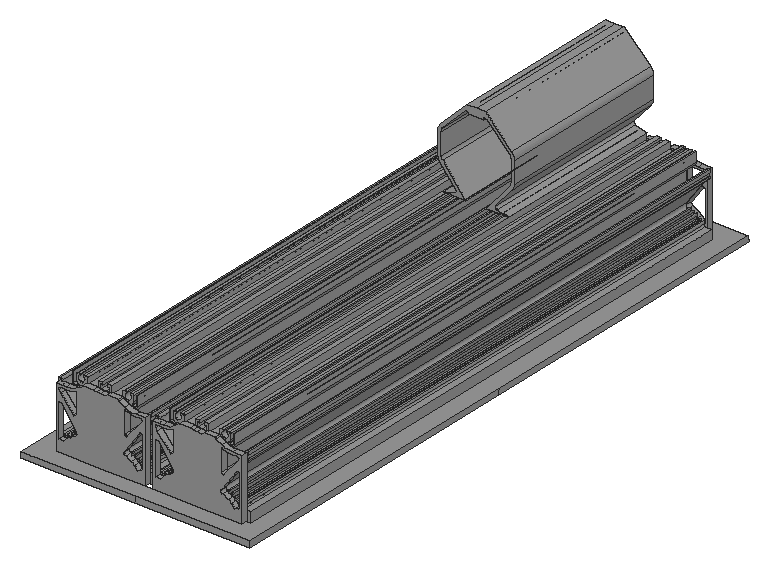
Revit family "L-street 48 Standart", category Осветительные приборы, Revit 2017 (continued)
Types (5, lengths in mm): name | built-in parameter 1150134 | Файл фотометрической сетки | built-in parameter 1150105 | Lumens | built-in parameter 1150106 | built-in parameter 1150142 | Wattage | built-in parameter 1150107 | Артикул
     180.5 162.1 139.5 116 95.4 81.2 71.4 64.5 58.7 52.6 47.6 44.1 42 40.5 39.4 38.3 37.2 35.9 34.6 33.2 31.7 30.3 28.8 27.5 26.4 25.5 24.9 24.6 24.5 24.4 24.3 24.2 23.9 23.2 22.2 20.9 19.6 18.3 17.1 15.9 14.7 13.7 12.8 11.8 10.8 9.9 8.8 7.8 6.7 5.7 4.6 3.5 2.8 2.5 2.2 2.1 1.9 1.9\r\n328.9 328.8 328 326.8 325.6 323.9 321.9 319.6 317 314.2 311.4 308.7 305.8 302.6 299 294.5 289.6 284.3 279.2 274.1 269.9 266.3 263.1 259.5 255.2 249.8 244 237.6 230.5 222.2 213.2 202.5 190.1 174.5 155.5 132.5 109.6 90.7 78 69.1 62.8 57 50.9 46.2 43.3 41.5 40.3 39.3 38.3 37.1 36 34.8 33.6 31.9 30.3 28.9 27.7 26.6 25.9 25.5 25.4 25.6 25.5 25.2 24.9 24.4 23.8 22.8 21.6 20.2 18.7 17.4 16.1 15 14.1 13.3 12.3 11.2 10.2 9 8 6.9 6 5.1 3.8 3 2.5 2.2 2.1 1.9 1.9\r\n328.9 328.9 328.2 327.1 325.7 324 322.1 319.8 317.3 314.4 311.6 308.9 305.9 302.7 299 294.5 289.5 284.1 278.8 273.5 269 265.2 261.9 258.1 253.6 248.1 242.1 235.5 228.2 219.8 210.5 199.7 186.9 170.9 151.6 128.7 106.5 88.7 77 68.5 62.4 56.6 50.7 46.1 43.2 41.6 40.4 39.5 38.4 37.3 36.1 35 33.7 32 30.4 29 27.9 27 26.4 26.2 26.3 26.2 25.7 25.3 24.9 24.5 23.9 23 21.7 20.3 18.8 17.4 16.1 15.1 14.2 13.3 12.2 11.2 10.1 8.9 7.8 6.6 5.5 4.6 3.7 3 2.6 2.2 2.1 1.9 1.9\r\n328.9 328.9 328.4 327.3 325.8 324.1 322.3 320 317.5 314.7 311.9 309.1 306.1 302.8 299 294.4 289.4 283.8 278.3 272.9 268.2 264.1 260.6 256.7 252 246.4 240.3 233.4 226 217.4 207.9 196.8 183.7 167.4 147.8 124.9 103.3 86.7 75.9 67.9 62 56.3 50.4 46 43.1 41.6 40.5 39.7 38.5 37.5 36.3 35.3 33.8 32.1 30.5 29.2 28.1 27.3 26.9 27 27.1 26.8 26 25.4 25 24.6 24 23.1 21.9 20.4 18.9 17.3 16.1 15.2 14.2 13.2 12.2 11.1 9.9 8.8 7.7 6.3 5 4.1 3.5 3 2.6 2.3 2.1 1.9 1.9\r\n328.9 328.8 328 326.9 325.4 323.7 321.8 319.4 316.9 314 311.2 308.4 305.4 302 298.2 293.5 288.4 282.7 277.2 271.7 267 263.1 259.6 255.6 250.7 244.9 238.7 231.9 224.4 215.9 206.4 195.2 181.8 165.1 144.9 121.7 100.3 84.5 74.4 66.8 61 55.1 49.4 45.3 42.7 41.4 40.3 39.4 38.3 37.2 36.1 35 33.4 31.6 30.1 28.9 27.8 27.2 27 27.1 27.1 26.6 25.8 25.2 24.9 24.6 23.9 23 21.8 20.3 18.7 17.2 15.9 14.9 14 13.1 12 11 9.7 8.5 7.3 6.1 4.7 4 3.4 2.9 2.5 2.2 2.1 2 1.9\r\n328.9 328.5 327.5 326.2 324.6 322.9 320.9 318.6 316 313 310.4 307.9 305.3 302.1 298.2 293.2 287.9 282 276.4 270.7 265.6 261.1 257.3 253.3 249.2 244.1 238.7 232.6 225.9 218.2 209.8 200.4 190.6 178.9 165.2 148.6 130 110.3 93 79.2 69.6 62.4 56.1 49.4 44.1 41.6 40.4 39.7 39 38.2 37.2 36.2 35.2 33.6 31.9 30.4 29.1 28.1 27.3 27 26.9 26.7 26.1 25.2 24.6 24.3 24 23.3 22.2 20.7 19.3 17.8 16.4 15 13.8 13 12.1 11.1 10.2 9.1 8 6.9 5.8 4.8 4.2 3.6 3.2 3 2.7 2.6 2.5\r\n328.9 328.4 327.3 326 324.3 322.5 320.5 318.1 315.4 312.5 309.9 307.4 304.6 301.3 297.2 292.3 287 281.2 275.6 270.1 265.1 260.7 256.8 252.8 248.4 243.2 237.7 231.4 224.4 216.4 207.8 198.1 187.8 175.4 161 143.6 124.8 105.8 89.4 76.7 67.7 60.5 54.2 47.9 43.5 41.4 40.3 39.7 39 38.1 37.2 36.1 35 33.4 31.7 30.3 29.1 28.1 27.4 27.1 27 26.7 26.1 25.3 24.8 24.4 23.9 23.2 22 20.5 19.1 17.7 16.3 14.9 13.9 13 12.1 11.1 10.1 9.1 8 6.9 5.8 4.9 4.3 3.7 3.3 3 2.8 2.6 2.5\r\n328.9 328.2 327.1 325.7 324 322.1 320 317.5 314.8 311.9 309.4 306.9 304 300.5 296.3 291.4 286.2 280.3 274.8 269.4 264.6 260.3 256.3 252.3 247.6 242.3 236.6 230.1 222.9 214.6 205.8 195.8 185 171.9 156.7 138.7 119.7 101.2 85.8 74.2 65.7 58.6 52.2 46.5 43 41.2 40.3 39.7 38.9 38 37.1 36 34.8 33.2 31.5 30.3 29.1 28.2 27.5 27.2 27 26.8 26.1 25.4 24.9 24.5 23.9 23 21.8 20.3 18.9 17.5 16.2 14.9 14 13 12.1 11.1 10.1 9.1 8.1 7 5.8 4.9 4.3 3.7 3.3 3 2.8 2.7 2.5\r\n328.9 328.3 327.3 325.8 324.2 322.3 320.3 317.9 315.2 312.4 309.7 307.2 304.5 301.2 297.2 292.4 287.2 281.6 276.1 270.8 266 261.5 257.7 253.7 249.3 244.2 238.6 232.2 225.2 217.1 208.5 199 188.7 176.4 162.1 145.1 126.5 107.5 90.8 77.6 68.4 61 54.5 48.3 44.1 41.7 40.5 39.7 39 38.2 37.2 36.1 35 33.6 32 30.6 29.3 28.3 27.4 26.9 26.7 26.4 26 25.4 24.9 24.6 24 23.3 22.1 20.7 19.2 17.7 16.4 15 14 13.1 12.2 11.2 10.2 9.2 8.2 7.2 6.2 5.3 4.7 3.9 3.3 2.9 2.7 2.5 2.4\r\n328.9 328.4 327.4 326 324.3 322.5 320.5 318.3 315.6 312.8 310 307.5 304.9 301.9 298 293.4 288.2 282.8 277.4 272.1 267.3 262.8 259.1 255.2 251.1 246.1 240.6 234.4 227.5 219.7 211.3 202.1 192.3 180.9 167.5 151.5 133.3 113.8 95.7 81 71.2 63.5 56.7 50.1 45.2 42.2 40.7 39.8 39.1 38.3 37.2 36.3 35.2 34 32.4 30.9 29.6 28.5 27.4 26.6 26.3 26.1 25.9 25.5 25 24.7 24.2 23.5 22.4 21 19.5 17.9 16.6 15.2 14.1 13.2 12.3 11.3 10.3 9.3 8.4 7.5 6.5 5.8 5 4.1 3.4 2.9 2.6 2.4 2.4\r\n328.9 328.5 327.5 326 324.4 322.6 320.7 318.6 316 313.3 310.5 308 305.6 302.7 299.2 294.9 290.1 285 279.8 274.6 269.8 265.3 261.5 257.8 253.8 249 243.7 237.7 231.2 223.7 215.6 206.5 196.9 185.9 173.2 157.7 140 120.3 101.3 85.2 74 65.7 58.7 51.9 46.6 43.1 41.1 39.9 39.1 38.3 37.2 36.2 35.1 33.9 32.4 31 29.5 28.3 27.2 26.3 25.7 25.4 25.1 24.8 24.6 24.4 24 23.2 22.1 20.8 19.3 17.9 16.5 15.2 13.9 12.9 11.9 11 10.1 9.3 8.6 7.8 6.7 5.8 5 4.1 3.3 2.9 2.6 2.5 2.4\r\n328.9 328.5 327.5 326.1 324.4 322.8 320.9 318.8 316.4 313.8 311 308.5 306.2 303.6 300.5 296.5 292.1 287.1 282.2 277.1 272.3 267.8 264 260.3 256.5 251.9 246.8 241.1 234.9 227.7 219.8 210.9 201.5 191 178.9 164 146.7 126.9 106.9 89.3 76.8 67.9 60.6 53.7 48 43.9 41.5 40 39.1 38.3 37.3 36.1 34.9 33.8 32.4 31.1 29.5 28.1 26.9 26 25 24.6 24.4 24.2 24.2 24.1 23.8 22.9 21.8 20.5 19.2 17.9 16.5 15.3 13.7 12.6 11.5 10.6 9.8 9.3 8.9 8.1 6.8 5.9 4.9 4.1 3.3 2.9 2.7 2.5 2.5\r\n328.9 328.4 327.3 326 324.3 322.6 320.8 318.7 316.4 313.8 311.2 308.8 306.7 304.2 301.3 297.6 293.4 288.7 283.9 279 274.4 270.1 266.3 262.8 259.2 254.8 249.9 244.4 238.4 231.5 223.8 215.2 206.2 196 184.4 170.1 153.6 134.3 114.3 95.5 81.4 71.2 63.5 56.4 50.4 45.7 42.6 40.7 39.6 38.6 37.6 36.3 35.1 33.8 32.4 31.1 29.6 28.3 27.1 26 25 24.3 23.8 23.4 23.2 22.9 22.6 22 21.2 20 18.8 17.4 16.1 15.1 14 13.1 12.3 11.5 10.5 9.7 8.9 8.1 6.9 5.8 4.6 3.9 3.2 2.9 2.8 2.6 2.5\r\n328.9 328.3 327.1 325.8 324.1 322.5 320.7 318.6 316.4 313.8 311.4 309.2 307.1 304.9 302.1 298.7 294.7 290.2 285.7 281 276.6 272.4 268.7 265.3 261.9 257.7 253.1 247.7 242 235.3 227.9 219.6 210.8 201 189.9 176.3 160.5 141.7 121.6 101.8 85.9 74.6 66.3 59.1 52.7 47.5 43.8 41.4 40 38.9 37.9 36.5 35.2 33.8 32.4 31 29.7 28.6 27.2 26.1 24.9 24 23.3 22.6 22.1 21.8 21.4 21.2 20.5 19.5 18.3 16.9 15.7 14.9 14.2 13.6 13.1 12.3 11.2 10 8.9 8.1 7 5.7 4.3 3.7 3.2 3 2.9 2.6 2.6\r\n328.9 328.3 327.2 325.9 324.3 322.7 320.9 319 316.9 314.4 312.1 310 308.1 306.1 303.7 300.8 297.1 292.9 288.6 284.1 279.9 275.8 272.2 268.8 265.6 261.8 257.7 252.8 247.5 241.3 234.6 226.9 218.6 209.2 199 186.4 171.7 154 134.3 113.6 95.5 81.3 71.5 63.4 56.6 50.7 46.2 43.1 41.1 39.6 38.4 36.9 35.4 33.9 32.5 31.1 29.7 28.5 27.4 26.2 25.1 24 23.2 22.3 21.7 21.2 20.8 20.3 19.7 18.9 17.9 16.7 15.8 15.2 14.7 14.4 13.9 13.3 12.3 11.3 10.2 8.7 6.7 5.4 4.3 3.7 3.2 3 2.9 2.7 2.7\r\n328.9 328.4 327.3 326 324.4 322.9 321.1 319.4 317.4 315 312.8 310.8 309.1 307.4 305.4 302.8 299.5 295.5 291.5 287.2 283.3 279.3 275.7 272.3 269.3 266 262.3 257.9 253 247.4 241.2 234.1 226.3 217.5 208 196.5 182.9 166.3 147.1 125.4 105 88.1 76.6 67.8 60.4 53.9 48.7 44.8 42.1 40.3 38.9 37.2 35.6 34.1 32.7 31.2 29.7 28.5 27.5 26.4 25.3 24.1 23.1 22 21.2 20.6 20.1 19.5 18.9 18.2 17.4 16.6 15.9 15.5 15.3 15.1 14.8 14.2 13.5 12.6 11.4 9.4 6.5 5.1 4.3 3.7 3.2 3.1 3 2.8 2.8\r\n328.9 328.3 327.3 326.1 324.5 323.1 321.5 319.9 318 315.9 313.8 311.8 310.2 308.7 307.1 304.9 302 298.5 294.9 291.1 287.4 283.8 280.3 277.1 274.1 271 267.8 263.9 259.6 254.7 249.2 243.1 236.3 228.6 220.2 209.9 197.9 183.1 166 145.9 125.1 104.9 88.8 76.6 67.5 59.9 53.7 48.7 45.1 42.3 40.2 38.2 36.2 34.5 33 31.5 30.1 28.7 27.5 26.3 25.2 24.1 23 21.9 21.1 20.5 20 19.5 18.9 18.2 17.3 16.6 16 15.7 15.4 15.1 14.9 14.4 13.5 12.1 10 8 6.1 4.8 4.1 3.6 3.2 3.1 2.9 2.8 2.7\r\n328.9 328.2 327.4 326.1 324.6 323.3 321.8 320.3 318.6 316.8 314.8 312.8 311.3 310.1 308.8 306.9 304.5 301.5 298.2 294.9 291.5 288.2 285 281.8 278.9 276.1 273.3 270 266.3 261.9 257.2 252 246.3 239.7 232.4 223.4 212.9 199.9 184.8 166.5 145.2 121.8 101 85.3 74.6 66 58.7 52.7 48 44.3 41.6 39.1 36.8 34.9 33.4 31.8 30.4 28.9 27.5 26.3 25.1 24.1 22.8 21.8 20.9 20.4 19.9 19.4 18.9 18.1 17.3 16.7 16.2 15.8 15.4 15.2 15 14.6 13.6 11.7 8.6 6.6 5.6 4.6 3.8 3.4 3.2 3 2.9 2.7 2.6\r\n328.9 328.3 327.4 326.2 324.8 323.4 322 320.6 319 317.4 315.6 313.9 312.5 311.5 310.4 308.9 306.9 304.4 301.6 298.6 295.6 292.6 289.8 286.9 284.2 281.5 279 276.2 273.3 269.9 266.1 262 257.3 251.7 245.1 237 227.8 216.7 204.1 188.6 170.2 148.3 126.2 105.7 89.6 77.4 68.1 60.4 54.4 49.5 45.8 42.4 39.3 36.7 34.7 32.8 31.2 29.8 28.4 27 25.7 24.5 23.2 22.1 21.1 20.5 19.9 19.4 18.9 18.2 17.5 16.7 16 15.5 15 14.6 14.2 13.4 11.8 9.7 7.6 6.3 5.3 4.5 3.8 3.6 3.4 3.2 3 3 2.8\r\n328.9 328.3 327.4 326.2 324.9 323.6 322.2 320.9 319.5 318 316.4 315 313.8 312.9 312.1 310.8 309.3 307.3 304.9 302.3 299.6 297 294.5 292 289.5 287 284.7 282.4 280.3 277.8 275.1 271.9 268.3 263.8 257.9 250.7 242.6 233.5 223.3 210.6 195.1 174.9 151.4 126.1 104.5 88.7 77.6 68.2 60.9 54.7 49.9 45.6 41.7 38.6 36 33.8 32 30.6 29.3 27.7 26.2 24.8 23.6 22.4 21.3 20.5 19.8 19.4 18.9 18.4 17.7 16.7 15.8 15.2 14.6 14 13.3 12.2 9.9 7.6 6.6 5.9 5 4.3 3.8 3.7 3.5 3.3 3.2 3.2 3\r\n328.9 328.3 327.4 326.3 325 323.7 322.5 321.2 320 318.6 317.3 316.1 315 314.2 313.4 312.5 311.4 309.9 307.9 305.7 303.4 301 298.8 296.6 294.4 292.1 289.9 288.1 286.4 284.6 282.4 279.7 276.6 272.6 267.4 261 253.8 245.6 236.3 224.9 211.2 193.4 172.2 147.7 123.9 103.1 87.6 76 67.4 60.2 54.5 49.3 44.7 41 37.8 35.2 33 31.4 30 28.5 27.2 25.8 24.4 23.1 21.8 20.9 20.1 19.4 18.7 18.1 17.5 16.5 15.5 14.7 13.9 13.1 11.9 10.4 8.7 7.1 6.1 5.4 4.6 4.1 3.7 3.6 3.4 3.2 3.2 3.1 3\r\n328.9 328.3 327.3 326.3 325 323.9 322.8 321.6 320.6 319.3 318.3 317.2 316.3 315.4 314.8 314.2 313.5 312.4 310.9 309.1 307.1 305 303.1 301.2 299.3 297.1 295.2 293.7 292.5 291.3 289.7 287.5 284.9 281.3 276.8 271.4 265 257.6 249.3 239.1 227.3 211.9 193 169.4 143.3 117.6 97.7 83.8 73.9 65.8 59 53 47.7 43.4 39.6 36.7 34.1 32.2 30.6 29.4 28.2 26.8 25.2 23.7 22.3 21.3 20.3 19.4 18.5 17.8 17.3 16.4 15.2 14.2 13.3 12.2 10.5 8.6 7.4 6.5 5.7 4.9 4.2 3.8 3.5 3.4 3.3 3.1 3.1 3 2.9\r\n328.9 328.3 327.4 326.4 325.2 324.1 323.1 322.1 321.2 320.1 319.3 318.4 317.7 317 316.6 316.2 315.9 315.2 314.4 313 311.5 309.9 308.3 306.8 305.2 303.5 302.1 300.8 299.7 298.6 297.2 295.3 292.9 289.7 285.7 281.1 276 270 263.3 255 245.6 233.5 218.8 200 177.9 153.4 130.2 109.4 92.8 80.1 70.9 63 56.2 50.5 45.6 41.7 38.3 35.6 33.4 31.6 29.9 28.4 26.9 25.3 23.8 22.3 21 19.8 18.6 17.6 16.7 15.6 14.5 13.5 12.3 10.9 9.4 8.1 7 6.3 5.4 4.7 4.1 3.8 3.5 3.4 3.3 3.2 3.1 3 2.8\r\n328.9 328.3 327.4 326.4 325.4 324.3 323.4 322.5 321.8 320.9 320.3 319.7 319.1 318.5 318.3 318.2 318.2 318.1 317.8 317 315.9 314.8 313.6 312.3 311.2 309.9 308.9 307.9 306.9 305.9 304.7 303.1 301 298.1 294.6 290.8 286.9 282.5 277.3 270.8 263.9 255.2 244.7 230.6 212.5 189.1 162.7 134.9 111.7 94.5 82.7 73 64.7 57.6 51.6 46.8 42.5 39.1 36.2 33.7 31.7 30.1 28.6 26.9 25.2 23.3 21.7 20.2 18.8 17.3 16.1 14.8 13.8 12.7 11.4 9.7 8.2 7.5 6.7 6 5.1 4.5 4 3.7 3.5 3.4 3.3 3.2 3 2.9 2.7\r\n328.9 328.3 327.5 326.5 325.6 324.6 323.8 323 322.4 321.8 321.3 320.8 320.5 320.2 320.1 320.1 320.3 320.4 320.5 320.3 319.8 319.2 318.4 317.6 316.8 316 315.3 314.6 313.6 312.5 311.3 309.7 308.1 306.1 303.8 301.2 298.2 294.8 290.9 286.1 280.7 273.9 265.8 255.1 241.4 223 201.1 175.6 150.5 127.1 107.9 92.1 79.9 70.7 62.9 56.5 51 46.3 42.3 38.9 35.9 33.5 31.4 29.3 27.4 25.4 23.4 21.5 19.6 17.9 16.4 14.9 13.5 12.2 10.7 9.2 8 7.3 6.5 5.8 5 4.4 4 3.7 3.5 3.4 3.2 3.1 3.1 2.9 2.7\r\n328.9 328.3 327.5 326.5 325.7 324.8 324.2 323.4 323 322.6 322.2 322 322 321.8 321.8 322 322.3 322.8 323.3 323.7 323.7 323.6 323.3 322.8 322.4 322 321.7 321.3 320.4 319.2 317.8 316.4 315.1 314.1 313 311.5 309.4 307.1 304.5 301.5 297.5 292.5 286.9 279.6 270.3 256.9 239.5 216.4 189.4 159.8 133 111.1 95.1 83.7 74.1 66.2 59.4 53.5 48.3 44 40.1 36.9 34.1 31.7 29.6 27.5 25.2 22.8 20.5 18.5 16.7 15 13.2 11.6 10 8.6 7.8 7.1 6.3 5.6 4.9 4.3 4 3.7 3.5 3.4 3.2 3.1 3.1 2.9 2.8\r\n328.9 328.3 327.5 326.7 325.9 325.2 324.5 323.9 323.6 323.4 323.2 323.2 323.3 323.4 323.6 323.9 324.4 325 325.8 326.6 327.2 327.7 328.1 328.2 328.3 328.2 328.2 328 327.5 326.6 325.7 324.7 323.8 322.9 322.2 321.6 320.8 319.8 318.3 316.3 313.8 310.2 306.1 300.8 294 284.6 272.4 256 236.1 212.2 187.5 162.7 139.2 118.7 101.4 88.7 78.9 70.9 63.7 57.4 51.7 46.9 42.7 39.2 36.1 33.2 30.4 27.8 25.1 22.3 19.4 16.8 14.5 12.4 10.5 8.9 7.9 7.1 6.3 5.6 4.9 4.5 4.1 3.9 3.6 3.5 3.3 3.1 3.1 3 2.8\r\n328.9 328.3 327.6 326.8 326.1 325.5 324.8 324.4 324.2 324.1 324.1 324.3 324.6 325 325.3 325.8 326.4 327.3 328.4 329.6 330.7 331.8 332.9 333.7 334.2 334.4 334.6 334.6 334.5 334.1 333.6 333 332.4 331.8 331.3 331.6 332.2 332.4 332.1 331.2 330 327.9 325.3 322 317.7 312.2 305.2 295.6 282.7 264.7 242.1 214.3 183.2 153.7 128.6 111.1 98.4 88.2 79 70.7 63.4 57 51.4 46.8 42.7 38.9 35.6 32.7 29.8 26.2 22.1 18.6 15.7 13.2 11.1 9.2 7.9 7.2 6.3 5.5 5 4.6 4.2 4 3.8 3.6 3.4 3.2 3.1 3 2.8\r\n328.9 328.3 327.6 326.9 326.3 325.7 325.2 324.9 324.8 324.9 325 325.4 326 326.6 327.2 327.9 328.7 329.8 331 332.6 334.1 335.5 337 338.3 339.4 340.2 341 341.5 341.9 341.9 341.8 341.8 341.8 341.7 341.7 342.2 343 343.7 344.4 345.1 345.4 345 343.8 342.1 339.5 336.2 332 326 317.8 306.3 291.8 272.9 250.1 225.3 199.7 176 153.2 132.7 115.4 102.1 91 81.4 73 66.1 60 54.7 49.9 45.4 40.9 37.4 33.4 27.5 20.8 15.8 12.1 9.5 8.1 7.3 6.3 5.6 5.1 4.7 4.4 4.1 3.9 3.7 3.5 3.3 3.1 3 2.7\r\n328.9 328.2 327.6 327 326.5 326 325.6 325.4 325.5 325.6 325.9 326.5 327.4 328.1 329.1 330 331 332.3 333.7 335.5 337.4 339.2 341.1 342.9 344.6 346.1 347.5 348.4 349.2 349.6 349.9 350.6 351.2 351.6 352.1 352.8 353.7 354.9 356.8 359 360.9 362.1 362.4 362.1 361.3 360.3 358.8 356.4 352.9 348 341.5 331.6 316.9 296.9 270.9 241 207.9 177.1 151.8 133.4 118.6 105.9 94.6 85.5 77.4 70.4 64.2 58.1 52 48.5 44.8 36.4 26 18.3 13.2 9.7 8.3 7.3 6.4 5.7 5.3 4.9 4.6 4.3 4.1 3.8 3.5 3.3 3.2 3 2.7\r\n328.9 328.3 327.7 327.2 326.8 326.4 326.2 326.3 326.5 326.9 327.5 328.4 329.4 330.3 331.5 332.7 334.1 335.7 337.3 339.3 341.4 343.4 345.5 347.5 349.5 351.4 353.2 354.6 355.8 356.9 357.9 359.1 360.2 361.2 362.3 363.5 364.9 366.5 368.5 370.5 372.5 374.4 376.3 378.1 379.5 380.6 381.1 380.8 379.8 377.7 374.3 368.4 359.1 345.9 327.7 304.5 276.1 244.7 213.5 184.8 160.1 139.8 123.9 110.7 99.4 89.4 80.7 71.9 63.8 57.1 47.7 34.1 23.6 16.2 11.8 9.4 8.2 7.2 6.4 5.9 5.4 5.1 4.8 4.4 4.1 3.9 3.6 3.4 3.3 2.9 2.6\r\n328.9 328.4 327.8 327.4 327 326.9 326.9 327.2 327.6 328.2 329.1 330.2 331.3 332.5 334 335.4 337.2 339 341 343.1 345.3 347.6 349.9 352 354.4 356.8 359 360.8 362.5 364.2 365.9 367.5 369.2 370.8 372.5 374.2 376.1 378 380.1 382 384 386.7 390.2 394.1 397.7 400.9 403.4 405.2 406.6 407.4 407 405.2 401.4 394.8 384.5 368.1 344.3 312.2 275.1 236.1 201.6 173.7 153.2 135.9 121.4 108.5 97.3 85.7 75.7 65.8 50.7 31.8 21.2 14.2 10.5 9.1 8.1 7.1 6.5 6 5.6 5.2 4.9 4.5 4.2 4 3.7 3.5 3.3 2.8 2.6\r\n328.9 328.4 328 327.6 327.4 327.3 327.5 327.8 328.4 329.1 330.1 331.2 332.5 333.9 335.4 337.2 339.2 341.2 343.4 345.6 347.9 350.2 352.5 354.9 357.5 360.1 362.7 365 367.3 369.6 372.1 374.5 376.9 379.4 381.9 384.5 387.2 389.9 392.3 394.5 396.5 399.1 402.4 406.4 411 415.7 420.8 426.1 431.7 436.7 440.9 444 445.9 446.2 443.7 437 425.2 407 383.2 354.1 322 286.4 250 212.6 180.4 154.2 132.7 112.6 94.8 76.3 53.5 33.6 22.7 15 11.3 9.9 8.7 7.7 7.1 6.6 6.1 5.7 5.4 4.9 4.6 4.3 4.1 3.9 3.6 3 2.6\r\n328.9 328.5 328.1 327.8 327.8 327.7 328 328.4 329.1 330 331.1 332.3 333.7 335.2 336.9 338.9 341.2 343.5 345.8 348.1 350.4 352.8 355.2 357.7 360.5 363.5 366.3 369.1 372 375.1 378.2 381.4 384.6 387.9 391.4 394.8 398.4 401.7 404.6 406.9 409 411.5 414.6 418.7 424.3 430.5 438.2 447.1 456.7 466 474.8 482.9 490.5 497.5 502.8 506 506 501.8 491.4 472.1 442.3 399.1 346.7 289.2 239.4 199.9 168.1 139.5 114 86.9 56.3 35.4 24.2 15.9 12.1 10.6 9.4 8.3 7.7 7.1 6.6 6.2 5.8 5.3 4.9 4.6 4.4 4.2 3.8 3.1 2.7\r\n328.9 328.5 328.2 328 328 328.1 328.4 329 329.8 330.8 331.9 333.2 334.6 336.2 338.1 340.3 342.7 345.1 347.5 349.9 352.3 354.8 357.2 359.8 362.8 365.8 368.8 371.8 375.1 378.5 382.1 386 39
